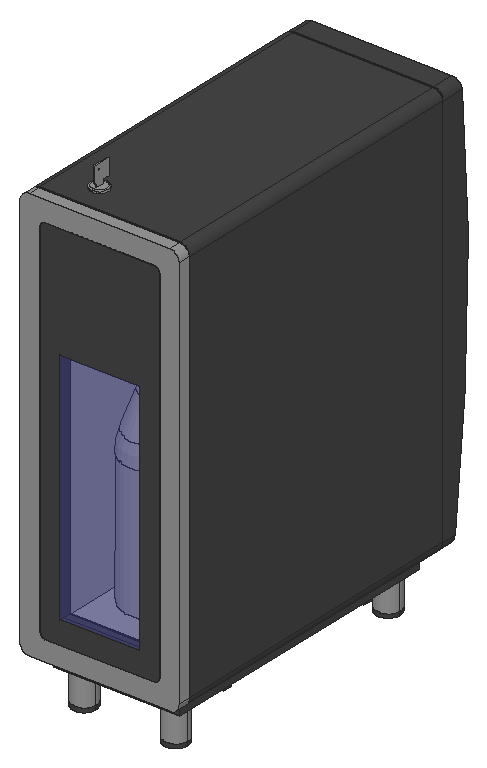
Revit family "Franke_Flavor_Station_FS6-A1000_FM_CM(CN)", category Specialty Equipment, Revit 2015
Parameters (values of type "Flavor Station FS6 - A1000 FM CM(220V/anthracite/CN)")
  Watts max. = 0 W
  Volts max. = 0 V
  URL = "https://www.franke.com/main/en/cs/products/product-search.html"
  Depth (mm) = 452 mm
  Volts min. = 220 V
  Max Overcurrent Protection = "-"
  Cycle Alternative = 0 Hz
  Cycle = 50 Hz
  Model = "Flavor Station FS6 - A1000 FM CM"
  Watts min. = 0 W
  Cost = 0
  Capacity = "up to 6 bottles"
  Height (mm) = 544 mm
  Manufacturer = "Franke"
  Energy loss acc. to DIN 18873 = "-"
  Width (mm) = 200 mm
  Description = "key module Flavor Station enables the automated and constant dosing of syrup in the coffee / milk"
  Assembly Code = "key module Flavor Station"
  Keynote = "key module Flavor Station"
  Weight = "17 kg"
  Number of Poles = 1
  Number of Protective Conductors = "1"
  Number of Nutral Conductors = "1"
  Frontcover = Franke Anthracite
Types (3, lengths in mm): name | Frontcover
  (no name) | Franke Anthracite
  Flavor Station FS6 - A1000 FM CM(220V/black line/CN) | Franke Black
  Flavor Station FS6 - A1000 FM CM(220V/anthracite/CN) | Franke Anthracite
Reference planes
  plane 1 "Mitte (Vorne/Hinten)": y = 0
  plane 2: z = 0
  plane 3 "Mitte (Links/Rechts)": x = 0
Forms (mm)
  Revolve 1, solid, material "Franke Glass (coloured)"
    sketch origin (0, -122.422, 0) x (1, 0, 0) y (0, 0, 1)
      loop
        line (0, 119) -> (42.5, 119) -> (42.5, 285)
        arc (42.5, 285) -> (41.359, 298.689) -> (37.969, 312) r 82.717
        arc (37.969, 312) -> (30.026, 334.024) -> (21.951, 356) r 3887.726
        arc (21.951, 356) -> (18.197, 369.268) -> (16.953, 383) r 74.483
        line (16.953, 383) -> (0, 383) -> (0, 119)
      axis (0, 119) -> (0, 383)
    angle from 0 to 360
  Revolve 2, solid, material "Franke Coloured plastic"
    sketch origin (0, -122.422, 0) x (1, 0, 0) y (0, 0, 1)
      loop
        line (0, 383) -> (16.953, 383) -> (16.953, 417) -> (0, 417) -> (0, 383)
      axis (0, 383) -> (0, 417)
    angle from 0 to 360
  Extrusion 3, solid, material "Franke Anthracite" <- "Frontcover"
    sketch origin (0, 0, 0) x (1, 0, 0) y (0, 0, 1)
      loop
        line (88, 585) -> (-88, 585)
        arc (-88, 585) -> (-96.485, 581.485) -> (-100, 573) r 12
        line (-100, 573) -> (-100, 77)
        arc (-100, 77) -> (-96.485, 68.515) -> (-88, 65) r 12
        line (-88, 65) -> (-85, 65) -> (85, 65) -> (88, 65)
        arc (88, 65) -> (96.485, 68.515) -> (100, 77) r 12
        line (100, 77) -> (100, 573)
        arc (100, 573) -> (96.485, 581.485) -> (88, 585) r 12
      loop
        arc (67, 90) -> (72.657, 92.343) -> (75, 98) r 8
        line (75, 98) -> (75, 552)
        arc (75, 552) -> (72.657, 557.657) -> (67, 560) r 8
        line (67, 560) -> (-67, 560)
        arc (-67, 560) -> (-72.657, 557.657) -> (-75, 552) r 8
        line (-75, 552) -> (-75, 98)
        arc (-75, 98) -> (-72.657, 92.343) -> (-67, 90) r 8
        line (-67, 90) -> (67, 90)
    from 199.53 to 214.53
  Extrusion 4, solid, material "Franke Black"
    sketch origin (0, 0, 0) x (1, 0, 0) y (0, 0, 1)
      loop
        arc (-67, 560) -> (-72.657, 557.657) -> (-75, 552) r 8
        line (-75, 552) -> (-75, 98)
        arc (-75, 98) -> (-72.657, 92.343) -> (-67, 90) r 8
        line (-67, 90) -> (67, 90)
        arc (67, 90) -> (72.657, 92.343) -> (75, 98) r 8
        line (75, 98) -> (75, 552)
        arc (75, 552) -> (72.657, 557.657) -> (67, 560) r 8
        line (67, 560) -> (-67, 560)
      loop
        line (-50, 417) -> (-50, 119) -> (50, 119) -> (50, 417) -> (-50, 417)
    from 199.53 to 214.53
  Extrusion 5, solid, material "Franke Glass"
    sketch origin (0, 0, 0) x (1, 0, 0) y (0, 0, 1)
      loop
        line (-50, 417) -> (-50, 119) -> (50, 119) -> (50, 417) -> (-50, 417)
    from 209.53 to 214.53
  Extrusion 6, solid, material "Franke Black"
    sketch origin (0, 0, 0) x (1, 0, 0) y (0, 0, 1)
      loop
        line (88, 585) -> (-88, 585)
        arc (-88, 585) -> (-96.485, 581.485) -> (-100, 573) r 12
        line (-100, 573) -> (-100, 77)
        arc (-100, 77) -> (-96.485, 68.515) -> (-88, 65) r 12
        line (-88, 65) -> (-85, 65) -> (85, 65) -> (88, 65)
        arc (88, 65) -> (96.485, 68.515) -> (100, 77) r 12
        line (100, 77) -> (100, 573)
        arc (100, 573) -> (96.485, 581.485) -> (88, 585) r 12
    from -198.03 to 198.03
  Extrusion 7, void
    sketch origin (0, 0, 0) x (1, 0, 0) y (0, 0, 1)
      loop
        line (-55, 422) -> (-55, 114) -> (55, 114) -> (55, 422) -> (-55, 422)
    from 4.53 to 267.821
  Extrusion 8, solid, material "Franke Black"
    sketch origin (0, 0, 0) x (0, 1, 0) y (0, 0, 1)
      loop
        line (186.97, 65) -> (-188.03, 65) -> (-188.03, 45) -> (186.97, 45) -> (186.97, 65)
    from -79 to 79
  Extrusion 9, solid, material "Franke Black"
    sketch origin (0, 0, 0) x (0, 1, 0) y (0, 0, 1)
      loop
        line (199.53, 585) -> (199.53, 65) -> (216.03, 65)
        arc (216.03, 65) -> (224.982, 150.997) -> (233.478, 237.039) r 16328.175
        arc (233.478, 237.039) -> (233.864, 241.879) -> (234.093, 246.728) r 150
        arc (234.093, 246.728) -> (236.227, 326.074) -> (237.701, 405.435) r 9548.581
        arc (237.701, 405.435) -> (237.699, 406.999) -> (237.648, 408.563) r 50
        arc (237.648, 408.563) -> (233.118, 496.797) -> (228.03, 585) r 14002.549
        line (228.03, 585) -> (199.53, 585)
    from -100 to 100
  Extrusion 10, void
    sketch origin (0, 0, 0) x (1, 0, 0) y (0, 0, 1)
      loop
        line (-88, 585) -> (-88, 595) -> (-110, 595) -> (-110, 573) -> (-100, 573)
        arc (-100, 573) -> (-96.485, 581.485) -> (-88, 585) r 12
      loop
        arc (88, 585) -> (96.485, 581.485) -> (100, 573) r 12
        line (100, 573) -> (110, 573) -> (110, 595) -> (88, 595) -> (88, 585)
      loop
        arc (-88, 65) -> (-96.485, 68.515) -> (-100, 77) r 12
        line (-100, 77) -> (-110, 77) -> (-110, 55) -> (-88, 55) -> (-88, 65)
      loop
        line (88, 65) -> (88, 55) -> (110, 55) -> (110, 77) -> (100, 77)
        arc (100, 77) -> (96.485, 68.515) -> (88, 65) r 12
    from -305.226 to 299.817
  Revolve 11, solid, material "Franke Chrome"
    sketch origin (-42, 0, 0) x (0, 1, 0) y (0, 0, 1)
      loop
        line (-162.53, 588) -> (-172.563, 588)
        arc (-172.563, 588) -> (-173.27, 587.707) -> (-173.563, 587) r 1
        line (-173.563, 587) -> (-173.563, 585) -> (-162.53, 585) -> (-162.53, 588)
      axis (-162.53, 588) -> (-162.53, 585)
    angle from 0 to 360
  Extrusion 12, solid, material "Franke Chrome"
    sketch origin (0, 0, 0) x (1, 0, 0) y (0, 1, 0)
      loop
        circle (57.5, -167.03) r 15
      loop
        circle (57.5, 166.47) r 15
      loop
        circle (-57.5, -167.03) r 15
      loop
        circle (-57.5, 166.47) r 15
    from 5 to 45
  Extrusion 13, solid, material "Franke Black"
    sketch origin (0, 0, 10) x (0, -1, 0) y (1, 0, 0)
      loop
        circle (167.03, -57.5) r 15
      loop
        circle (-166.47, -57.5) r 15
      loop
        circle (167.03, 57.5) r 15
      loop
        circle (-166.47, 57.5) r 15
    from -10 to -5
  Extrusion 14, solid, material "Franke Black"
    sketch origin (0, 0, 0) x (1, 0, 0) y (0, 1, 0)
      loop
        line (-76.6, 116.47) -> (-76.6, 104.47) -> (-62.6, 104.47) -> (-62.6, 116.47) -> (-76.6, 116.47)
      loop
        line (-76.6, -104.03) -> (-76.6, -116.03) -> (-62.6, -116.03) -> (-62.6, -104.03) -> (-76.6, -104.03)
      loop
        line (76.6, 116.47) -> (62.6, 116.47) -> (62.6, 104.47) -> (76.6, 104.47) -> (76.6, 116.47)
      loop
        line (76.6, -104.03) -> (62.6, -104.03) -> (62.6, -116.03) -> (76.6, -116.03) -> (76.6, -104.03)
    from 40 to 45
  Extrusion 15, solid, material "Franke internal space FS3"
    sketch origin (0, 0, 0) x (1, 0, 0) y (0, 0, 1)
      loop
        line (55, 422) -> (-55, 422) -> (-55, 114) -> (55, 114) -> (55, 422)
      loop
        line (50, 417) -> (-50, 417) -> (-50, 119) -> (50, 119) -> (50, 417)
    from 0 to 198.03
  Extrusion 16, solid
    sketch origin (0, 0, 0) x (1, 0, 0) y (0, 0, 1)
      loop
        line (-90, 75) -> (90, 75) -> (90, 575) -> (-90, 575) -> (-90, 75)
      loop
        line (55, 422) -> (-55, 422) -> (-55, 114) -> (55, 114) -> (55, 422)
    from 198.03 to 199.53
  Extrusion 17, solid
    sketch origin (0, 397.56, 0) x (1, 0, 0) y (0, 0, 1)
      loop
        line (-90, 75) -> (90, 75) -> (90, 575) -> (-90, 575) -> (-90, 75)
    from 198.03 to 199.53
  Extrusion 18, solid, material "Franke Chrome"
    sketch origin (0, 0, 0) x (0, 1, 0) y (0, 0, 1)
      loop
        arc (-169.199, 613) -> (-169.907, 612.707) -> (-170.199, 612) r 1
        line (-170.199, 612) -> (-170.199, 594)
        arc (-170.199, 594) -> (-169.907, 593.293) -> (-169.199, 593) r 1
        line (-169.199, 593) -> (-167.163, 593) -> (-167.163, 588) -> (-157.898, 588) -> (-157.898, 593) -> (-149.885, 593)
        arc (-149.885, 593) -> (-149.178, 593.293) -> (-148.885, 594) r 1
        line (-148.885, 594) -> (-148.885, 612)
        arc (-148.885, 612) -> (-149.178, 612.707) -> (-149.885, 613) r 1
        line (-149.885, 613) -> (-169.199, 613)
      loop
        circle (-164.449, 607.092) r 2
    from -43 to -41
  Extrusion 19, solid, material "Franke Chrome"
    sketch origin (0, 0, 0) x (1, 0, 0) y (0, 1, 0)
      loop
        circle (0, 147.268) r 2.5
    from 40 to 45
Cuts and joins
  Extrusion 10 cuts Extrusion 9
  Extrusion 7 cuts Extrusion 6
Dimensions and locks
  aligned and locked: level to plane 2
Connectors
  electrical at (0, 147.268, 40), driven by "Volts min.", driven by "Number of Poles"
    settings: on Extrusion 19, index 1, voltage 220 V, apparent load 0 VA, apparent load phase1 0 VA, apparent load phase2 0 VA, apparent load phase3 0 VA, power factor 1, load classification "Strom", number of poles 1, system type 31, power factor state 1, is connector primary yes, connector utility no, sub classification motor no, connector description ""
